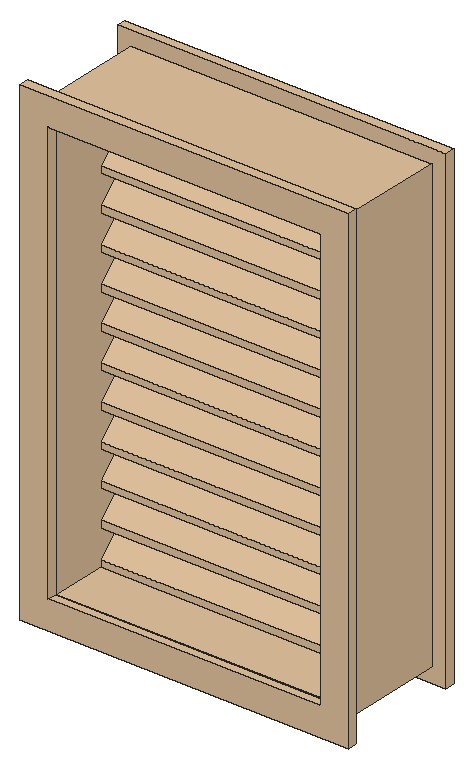
Revit family "24b1735a8252440c89689e0e7b1ec6a0", category Windows, host Wall, Revit 2021
Family settings
  Host = Wall
  OmniClass Number = 23.30.20.00
  OmniClass Title = Windows
  Seek Item ID = Louvers with Trim-0000-USA-ENU
  Always vertical = Yes
  Cut with Voids When Loaded = No
  Shared = No
  Room Calculation Point = No
Parameters (values of type "16" x 24"")
  Visual Light Transmittance = 0.9
  Thermal Resistance (R) = 0.0000 (h·ft²·°F)/BTU
  Solar Heat Gain Coefficient = 0.78
  Max Height = (Max Blade Count - 1) * (Blade Spacing + Blade Vertical Thickness) + Blade Height + 2 * 0' 0 3/4"  # 1' - 11.74264"
  Max Blade Count = (Height - 2 * 0' 0 3/4" - Blade Height) / (Blade Spacing + Blade Vertical Thickness) + 1  # 12
  Height = 2' - 0"
  Define Thermal Properties by = Schematic Type
  Construction Type Id = ""
  Heat Transfer Coefficient (U) = 0.6496 BTU/(h·ft²·°F)
  Blade Width [instance] = Width - (2 * (Trim Width_Exterior / 2))  # 1' - 2 1/2"
  Blade Vertical Thickness = Blade Thickness / cos(Blade Angle)  # 0' - 0.35355"
  Blade Thickness = 0' - 0 1/4"
  Blade Spacing = 0' - 1 1/2"
  Blade Height = (Blade Depth / 2) * tan(Blade Angle) + Blade Vertical Thickness  # 0' - 1.85355"
  Blade Depth = 0' - 3"
  Blade Count = if(Max Height > Height, Max Blade Count - 1, Max Blade Count)  # 12
  Blade Angle = 45.00°
  Assembly Code = "B20"
  Frame Material = Birch
  Louver Material = Birch
  Default Sill Height = 3' - 0"
  Trim Exterior Material = Birch
  Trim Interior Material = Birch
  Trim Projection_Exterior = 0' - 0 1/2"
  Trim Projection_Interior = 0' - 0 1/2"
  Trim Width_Exterior = 0' - 1 1/2"
  Trim Width_Interior = 0' - 1 1/2"
  Wall Closure = By host
  Width = 1' - 4"
  Analytic Construction = (empty or 0)
Types (2): name | Thermal Resistance (R) | Construction Type Id | Blade Width | Width | Analytic Construction
  24" x 24" | 1.53941 (h·ft²·°F)/BTU | "GSP4R" | 1' - 10 1/2" | 2' - 0" | "1/8 in Pilkington single glazing"
  16" x 24" | 0.0000 (h·ft²·°F)/BTU | "" | 1' - 2 1/2" | 1' - 4" | (empty or 0)
Reference planes (in)
  plane 1: y = 0
  plane 2: z = 0
  plane 3 "Center": x = 0
  plane 4 "Left": x = -8
  plane 5 "Right": x = 8
  plane 6 "Sill": z = 36
  plane 7 "Top": z = 60
  plane 8: y = 2.75
  plane 9: y = -3.25
  plane 10: x = -7.25
  plane 11: x = -8.75
  plane 12: x = -8.75
  plane 13: x = 8.75
  plane 14: x = 8.75
  plane 15: x = 7.25
  plane 16: z = 60.75
  plane 17: z = 60.75
  plane 18: z = 59.25
  plane 19: z = 36.75
  plane 20: z = 35.25
  plane 21: z = 35.25
  plane 22: y = 2.75
  plane 23: y = -0.25
Forms (in)
  Extrusion 1, solid, material "Birch" <- "Frame Material"
    sketch origin (0, 0, 0) x (1, 0, 0) y (0, 0, 1)
      loop
        line (-8, 60) -> (-8, 36) -> (8, 36) -> (8, 60) -> (-8, 60)
      loop
        line (-7.25, 59.25) -> (-7.25, 36.75) -> (7.25, 36.75) -> (7.25, 59.25) -> (-7.25, 59.25)
    from -2.75 to 3.25
  Extrusion 2, solid, material "Birch" <- "Trim Interior Material"
    sketch origin (0, 0, 0) x (1, 0, 0) y (0, 0, 1)
      loop
        line (-7.25, 59.25) -> (-7.25, 36.75) -> (7.25, 36.75) -> (7.25, 59.25) -> (-7.25, 59.25)
      loop
        line (-8.75, 60.75) -> (-8.75, 35.25) -> (8.75, 35.25) -> (8.75, 60.75) -> (-8.75, 60.75)
    from 3.25 to 3.75
  Extrusion 3, solid, material "Birch" <- "Trim Exterior Material"
    sketch origin (0, 0, 0) x (-1, 0, 0) y (0, 0, 1)
      loop
        line (-7.25, 59.25) -> (-7.25, 36.75) -> (7.25, 36.75) -> (7.25, 59.25) -> (-7.25, 59.25)
      loop
        line (-8.75, 60.75) -> (-8.75, 35.25) -> (8.75, 35.25) -> (8.75, 60.75) -> (-8.75, 60.75)
    from 2.75 to 3.25
Lines and regions (in)
  Opening 1
    outline origin (-60, -3.25, 0) x (1, 0, 0) y (0, 0, 1)
      loop
        line (68, 60) -> (52, 60) -> (52, 36) -> (68, 36) -> (68, 60)
  symbolic lines, style "WindowsFrameMullionProjection"
    curve 1: line (-8, 2.75, 0) -> (-7.25, 2.75, 0)
    curve 2: line (-7.25, -3.25, 0) -> (-7.25, 2.75, 0)
    curve 3: line (8, 2.75, 0) -> (7.25, 2.75, 0)
    curve 4: line (7.25, -3.25, 0) -> (7.25, 2.75, 0)
    curve 5: line (-7.25, -3.25, 0) -> (-8, -3.25, 0)
    curve 6: line (7.25, -3.25, 0) -> (8, -3.25, 0)
    curve 7: line (-7.25, -0.07843, 0) -> (7.25, -0.07843, 0)
    curve 8: line (7.25, 2.75, 0) -> (-7.25, 2.75, 0)
Text (in)
  text "EXTERIOR" at (-56.58296, 47.43395, 0), in view "Floor Line"
  text "INTERIOR" at (-58.6888, -34.46062, 0), in view "Floor Line"
  text "Exterior" at (0, 31.04475, 79.27413), in view "Left"
  text "Exterior" at (0, 18.29385, 125.04747), in view "Right"
Dimensions and locks (in)
  equal spacing: plane 4 "Left", plane 3 "Center", plane 5 "Right"
  "Width": plane 4 "Left" to plane 5 "Right"
  "Default Sill Height": plane 2 to plane 6 "Sill"
  "Trim Projection_Interior": Extrusion 2 to Extrusion 2
  "Trim Projection_Exterior": Extrusion 3 to Extrusion 3
  locked: plane 4 "Left" to plane 10 at 0.75
  locked: plane 15 to plane 5 "Right" at 0.75
  plane 18 to plane 7 "Top" = 0' - 0 3/4"
  "Trim Width_Exterior": plane 18 to plane 16
  "Trim Width_Exterior": plane 15 to plane 13
  "Trim Width_Exterior": plane 11 to plane 10
  plane 19 to plane 6 "Sill" = 0' - 0 3/4"
  "Trim Width_Interior": plane 19 to plane 20
  "Trim Width_Interior": plane 12 to plane 10
  "Trim Width_Interior": plane 15 to plane 14
  "Trim Width_Interior": plane 17 to plane 18
  "Trim Width_Exterior": plane 21 to plane 19
  "Height": plane 6 "Sill" to plane 7 "Top"
  "Blade Depth": plane 22 to plane 23
  equal spacing: group 1, group 3, group 4, group 5, group 6, group 7, group 8, group 9, group 10, group 11, group 12, group 2  (x3)
  aligned and locked: plane 9 to host wall
  aligned and locked: plane 8 to host wall
  aligned and locked: host wall to Extrusion 1  (x2)
  aligned and locked: curve 3 to Extrusion 1  (x2)
  aligned and locked: Extrusion 2 to host wall
  aligned and locked: Extrusion 3 sketch curve to Extrusion 1  (x4)
  aligned and locked: Extrusion 3 to host wall
  aligned and locked: plane 22 to host wall
  aligned and locked: plane 23 to nested 1
  aligned and locked: nested 1 to plane 19
  aligned and locked: nested 1 to plane 3 "Center"
  aligned and locked: nested 2 to plane 18
  aligned and locked: nested 2 to plane 3 "Center"
  aligned and locked: Opening 1 sketch curve to plane 6 "Sill"
  aligned and locked: Opening 1 sketch curve to plane 4 "Left"
  aligned and locked: plane 5 "Right" to Opening 1 sketch curve
  aligned and locked: plane 7 "Top" to Opening 1 sketch curve
  aligned and locked: nested 1 to plane 22
  aligned and locked: nested 12 to plane 22
  aligned and locked: nested 2 to plane 22
Automatic sketch dimensions
  Extrusion 1 sketch curve to plane 4 "Left" = 0' - 0"
  Extrusion 1 sketch curve to plane 5 "Right" = 0' - 0"
  Extrusion 1 sketch curve to plane 4 "Left" = 0' - 0 3/4"
  plane 5 "Right" to Extrusion 1 sketch curve = 0' - 0 3/4"
  Extrusion 1 sketch curve to plane 6 "Sill" = 0' - 0"
  Extrusion 1 sketch curve to plane 7 "Top" = 0' - 0"
  Extrusion 1 sketch curve to plane 6 "Sill" = 0' - 0 3/4"
  plane 7 "Top" to Extrusion 1 sketch curve = 0' - 0 3/4"
  Extrusion 2 sketch curve to plane 12 = 0' - 0"
  Extrusion 2 sketch curve to plane 10 = 0' - 0"
  Extrusion 2 sketch curve to plane 15 = 0' - 0"
  Extrusion 2 sketch curve to plane 14 = 0' - 0"
  Extrusion 2 sketch curve to plane 20 = 0' - 0"
  Extrusion 2 sketch curve to plane 19 = 0' - 0"
  Extrusion 2 sketch curve to plane 18 = 0' - 0"
  Extrusion 2 sketch curve to plane 17 = 0' - 0"
  Extrusion 3 sketch curve to plane 13 = 0' - 0"
  Extrusion 3 sketch curve to plane 11 = 0' - 0"
  Extrusion 3 sketch curve to plane 21 = 0' - 0"
  Extrusion 3 sketch curve to plane 16 = 0' - 0"
  curve 5 to plane 4 "Left" = 0' - 0"
  curve 1 to plane 4 "Left" = 0' - 0"
  curve 2 to plane 10 = 0' - 0"
  curve 3 to plane 15 = 0' - 0"
  curve 6 to plane 5 "Right" = 0' - 0"
  curve 5 to plane 9 = 0' - 0"
  curve 4 to plane 9 = 0' - 0"
  plane 1 to curve 7 = 0' - 0.07843"
Nested families (in)
  nested 1: "Louver Blade" at (-7.25, 2.75, 36.75), type "Louver Blade"
  nested 2: "Louver Blade" at (-7.25, 2.75, 57.39645), type "Louver Blade"
  nested 3: "Louver Blade" at (-7.25, 2.75, 38.62695), type "Louver Blade"
  nested 4: "Louver Blade" at (-7.25, 2.75, 40.5039), type "Louver Blade"
  nested 5: "Louver Blade" at (-7.25, 2.75, 42.38085), type "Louver Blade"
  nested 6: "Louver Blade" at (-7.25, 2.75, 44.2578), type "Louver Blade"
  nested 7: "Louver Blade" at (-7.25, 2.75, 46.13475), type "Louver Blade"
  nested 8: "Louver Blade" at (-7.25, 2.75, 48.0117), type "Louver Blade"
  nested 9: "Louver Blade" at (-7.25, 2.75, 49.88865), type "Louver Blade"
  nested 10: "Louver Blade" at (-7.25, 2.75, 51.7656), type "Louver Blade"
  nested 11: "Louver Blade" at (-7.25, 2.75, 53.64255), type "Louver Blade"
  nested 12: "Louver Blade" at (-7.25, 2.75, 55.5195), type "Louver Blade"
Definition of nested family "Louver Blade"
  Parameters (values of type "Louver Blade")
    Louver Material = none
    Default Elevation = 0' - 0"
    Blade Width = 1' - 2 1/2"
    Blade Vertical Thickness = Blade Thickness / cos(Blade Angle)  # 0' - 0.35355"
    Blade Thickness = 0' - 0 1/4"
    Blade Height = (Blade Depth / 2) * tan(Blade Angle) + Blade Vertical Thickness  # 0' - 1.85355"
    Blade Depth = 0' - 3"
    Blade Angle = 45.00°
  Reference planes (in)
    plane 1 "Center (Front/Back)": y = 0
    plane 2: z = 0
    plane 3 "Center (Left/Right)": x = 0
    plane 4: x = 14.5
    plane 5: y = -3
    plane 6: y = -1.5
    plane 7: x = 7.25
    plane 8: z = 1.85355
  Forms (in)
    Extrusion 1, solid
      sketch origin (0, 0, 0) x (0, 1, 0) y (0, 0, 1)
        loop
          line (0, 0) -> (0, 0.35355) -> (-1.5, 1.85355) -> (-3, 0.35355) -> (-3, 0) -> (-1.5, 1.5) -> (0, 0)
      from 0 to 14.5
  Lines and regions (in)
    symbolic lines
      curve 1: line (0, 0, 0.35355) -> (14.5, 0, 0.35355)
    reference lines
      curve 2: line (0, 0, 0) -> (0, -4.94975, 4.94975)
      curve 3: line (0, -3, 0) -> (0, 1.59619, 4.59619)
      curve 4: line (0, 0.17678, 0.17678) -> (0, -4.77297, 5.12652)
      curve 5: line (0, -3.17678, 0.17678) -> (0, 1.41942, 4.77297)
  Dimensions and locks (in)
    "Blade Width": plane 3 "Center (Left/Right)" to plane 4
    equal spacing: plane 5, plane 6, plane 1 "Center (Front/Back)"
    "Blade Depth": plane 5 to plane 1 "Center (Front/Back)"
    equal spacing: plane 3 "Center (Left/Right)", plane 7, plane 4
    "Blade Thickness": curve 2 to curve 4
    "Blade Thickness": curve 5 to curve 3
    "Blade Height": plane 8 to plane 2
    "Blade Angle": angle curve 3 to plane 2
    "Blade Angle": angle plane 2 to curve 2
    aligned and locked: plane 2 to level
    aligned and locked: plane 4 to curve 1
    aligned and locked: plane 3 "Center (Left/Right)" to curve 1
    aligned and locked: plane 1 "Center (Front/Back)" to curve 2
    aligned and locked: plane 2 to curve 2
    aligned and locked: plane 5 to curve 3
    aligned and locked: plane 2 to curve 3
    aligned and locked: plane 1 "Center (Front/Back)" to Extrusion 1 sketch curve
    aligned and locked: plane 5 to Extrusion 1 sketch curve
    aligned and locked: Extrusion 1 sketch curve to curve 3
    aligned and locked: Extrusion 1 sketch curve to curve 5
    aligned and locked: curve 4 to Extrusion 1 sketch curve
    aligned and locked: Extrusion 1 sketch curve to curve 2
    aligned and locked: Extrusion 1 to plane 3 "Center (Left/Right)"
    aligned and locked: plane 4 to Extrusion 1
  Automatic sketch dimensions
    level to curve 1 = 0' - 0.35355"
    curve 5 to plane 5 = 0' - 0.17678"
    curve 5 to curve 3 = 0' - 0.17678"
    level to curve 4 = 0' - 0.17678"
    curve 2 to curve 4 = 0' - 0.17678"
